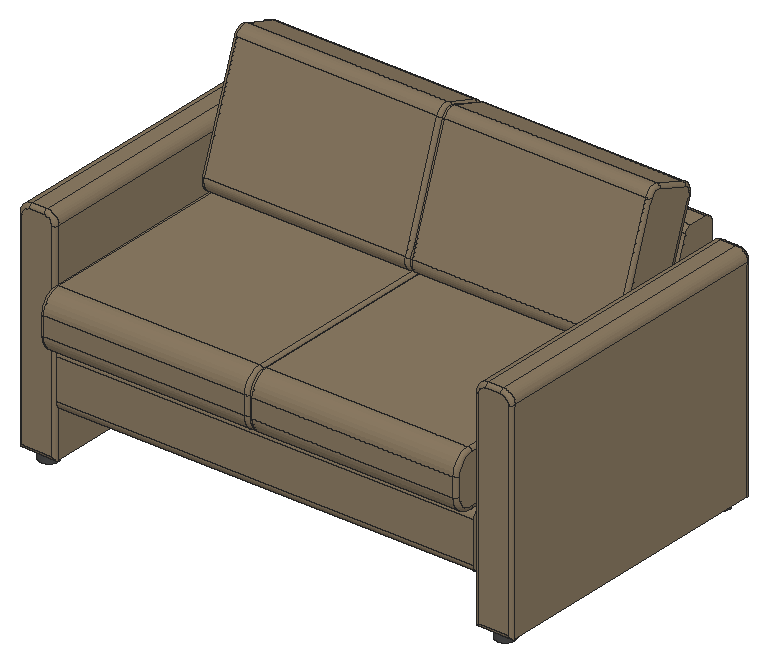
Revit family "ANTIGUA_by_Vaghi_Love Seat", category Furniture, Revit 2012
Parameters (values of type "Vaghi A3S-Triple Seat")
  Width [instance] = 200 cm
  Vaghi Fabric [instance] = Vaghi Fabric - C-13CR20
  Leg material [instance] = Vaghi leg material
Reference planes (cm)
  plane 1 "Center Front/Back": y = 0
  plane 2: z = 0
  plane 3 "Center Left/Right": x = 0
Forms (cm)
  Extrusion 1, solid, material "Vaghi Fabric - C-13CR20" <- "Vaghi Fabric"
    sketch origin (0, 0, 0) x (0, 1, 0) y (0, 0, 1)
      loop
        line (78, 67) -> (73.1284, 67)
        arc (73.1284, 67) -> (71.9812, 66.6383) -> (71.249, 65.684) r 2
        line (71.249, 65.684) -> (58.261, 30) -> (2, 30)
        arc (2, 30) -> (0.5858, 29.4142) -> (0, 28) r 2
        line (0, 28) -> (0, 17)
        arc (0, 17) -> (0.5858, 15.5858) -> (2, 15) r 2
        line (2, 15) -> (78, 15)
        arc (78, 15) -> (79.4142, 15.5858) -> (80, 17) r 2
        line (80, 17) -> (80, 65)
        arc (80, 65) -> (79.4142, 66.4142) -> (78, 67) r 2
    from -56 to 56.1415
  Extrusion 2, solid, material "Vaghi Fabric - C-13CR20" <- "Vaghi Fabric"
    sketch origin (-27.75, -0.5, 0) x (0, 1, 0) y (0, 0, 1)
      loop
        line (72.0013, 77.9842) -> (63.544, 81.0624)
        arc (63.544, 81.0624) -> (61.2451, 80.9621) -> (59.6905, 79.2655) r 3.0065
        line (59.6905, 79.2655) -> (49.0491, 50.0283)
        arc (49.0491, 50.0283) -> (49.4115, 47.2755) -> (51.8743, 45.9935) r 3.0065
        line (51.8743, 45.9935) -> (61.4519, 45.9935)
        arc (61.4519, 45.9935) -> (63.1763, 46.5372) -> (64.2771, 47.9717) r 3.0065
        line (64.2771, 47.9717) -> (73.7982, 74.1308)
        arc (73.7982, 74.1308) -> (73.6978, 76.4297) -> (72.0013, 77.9842) r 3.0065
    from -28.25 to 27.75
  Extrusion 3, solid, material "Vaghi Fabric - C-13CR20" <- "Vaghi Fabric"
    sketch origin (0.25, -0.5, 0) x (0, 1, 0) y (0, 0, 1)
      loop
        line (59.7704, 35.5) -> (59.7704, 40.5)
        arc (59.7704, 40.5) -> (58.306, 44.0355) -> (54.7704, 45.5) r 5
        line (54.7704, 45.5) -> (0, 45.5)
        arc (0, 45.5) -> (-3.5355, 44.0355) -> (-5, 40.5) r 5
        line (-5, 40.5) -> (-5, 35.5)
        arc (-5, 35.5) -> (-3.5355, 31.9645) -> (0, 30.5) r 5
        line (0, 30.5) -> (54.7704, 30.5)
        arc (54.7704, 30.5) -> (58.306, 31.9645) -> (59.7704, 35.5) r 5
    from -56.25 to -0.25
  Sweep 4, void
    path in 3D
      loop
        arc (-56, 51.3743, 45.9935) -> (-56, 48.9115, 47.2755) -> (-56, 48.5491, 50.0283) r 3.0065
        line (-56, 48.5491, 50.0283) -> (-56, 59.1905, 79.2655)
        arc (-56, 59.1905, 79.2655) -> (-56, 60.7451, 80.9621) -> (-56, 63.044, 81.0624) r 3.0065
        line (-56, 63.044, 81.0624) -> (-56, 71.5013, 77.9842)
        arc (-56, 71.5013, 77.9842) -> (-56, 73.1978, 76.4297) -> (-56, 73.2982, 74.1308) r 3.0065
        line (-56, 73.2982, 74.1308) -> (-56, 63.7771, 47.9717)
        arc (-56, 63.7771, 47.9717) -> (-56, 62.6763, 46.5372) -> (-56, 60.9519, 45.9935) r 3.0065
        line (-56, 60.9519, 45.9935) -> (-56, 51.3743, 45.9935)
    profile origin (-56, 56.1631, 45.9935) x (-1, 0, 0) y (0, 0, -1)
      loop
        line (0, 0) -> (-1, 0)
        arc (-1, 0) -> (-0.2929, -0.2929) -> (0, -1) r 1
        line (0, -1) -> (0, 0)
  Sweep 5, void
    path in 3D
      loop
        arc (-56, -0.5, 30.5) -> (-56, -4.0355, 31.9645) -> (-56, -5.5, 35.5) r 5
        line (-56, -5.5, 35.5) -> (-56, -5.5, 40.5)
        arc (-56, -5.5, 40.5) -> (-56, -4.0355, 44.0355) -> (-56, -0.5, 45.5) r 5
        line (-56, -0.5, 45.5) -> (-56, 54.2704, 45.5)
        arc (-56, 54.2704, 45.5) -> (-56, 57.806, 44.0355) -> (-56, 59.2704, 40.5) r 5
        line (-56, 59.2704, 40.5) -> (-56, 59.2704, 35.5)
        arc (-56, 59.2704, 35.5) -> (-56, 57.806, 31.9645) -> (-56, 54.2704, 30.5) r 5
        line (-56, 54.2704, 30.5) -> (-56, -0.5, 30.5)
    profile origin (-56, 26.8852, 30.5) x (-1, 0, 0) y (0, 0, -1)
      loop
        line (0, 0) -> (-1, 0)
        arc (-1, 0) -> (-0.2929, -0.2929) -> (0, -1) r 1
        line (0, -1) -> (0, 0)
  Sweep 6, void
    path in 3D
      loop
        arc (0, 60.9519, 45.9935) -> (0, 62.6763, 46.5372) -> (0, 63.7771, 47.9717) r 3.0065
        line (0, 63.7771, 47.9717) -> (0, 73.2982, 74.1308)
        arc (0, 73.2982, 74.1308) -> (0, 73.1978, 76.4297) -> (0, 71.5013, 77.9842) r 3.0065
        line (0, 71.5013, 77.9842) -> (0, 63.044, 81.0624)
        arc (0, 63.044, 81.0624) -> (0, 60.7451, 80.9621) -> (0, 59.1905, 79.2655) r 3.0065
        line (0, 59.1905, 79.2655) -> (0, 48.5491, 50.0283)
        arc (0, 48.5491, 50.0283) -> (0, 48.9115, 47.2755) -> (0, 51.3743, 45.9935) r 3.0065
        line (0, 51.3743, 45.9935) -> (0, 60.9519, 45.9935)
    profile origin (0, 56.1631, 45.9935) x (1, 0, 0) y (0, 0, -1)
      loop
        line (0, 0) -> (-1, 0)
        arc (-1, 0) -> (-0.2929, -0.2929) -> (0, -1) r 1
        line (0, -1) -> (0, 0)
  Sweep 7, void
    path in 3D
      loop
        arc (0, 54.2704, 30.5) -> (0, 57.806, 31.9645) -> (0, 59.2704, 35.5) r 5
        line (0, 59.2704, 35.5) -> (0, 59.2704, 40.5)
        arc (0, 59.2704, 40.5) -> (0, 57.806, 44.0355) -> (0, 54.2704, 45.5) r 5
        line (0, 54.2704, 45.5) -> (0, -0.5, 45.5)
        arc (0, -0.5, 45.5) -> (0, -4.0355, 44.0355) -> (0, -5.5, 40.5) r 5
        line (0, -5.5, 40.5) -> (0, -5.5, 35.5)
        arc (0, -5.5, 35.5) -> (0, -4.0355, 31.9645) -> (0, -0.5, 30.5) r 5
        line (0, -0.5, 30.5) -> (0, 54.2704, 30.5)
    profile origin (0, 26.8852, 30.5) x (1, 0, 0) y (0, 0, -1)
      loop
        line (0, 0) -> (-1, 0)
        arc (-1, 0) -> (-0.2929, -0.2929) -> (0, -1) r 1
        line (0, -1) -> (0, 0)
  Extrusion 8, solid, material "Vaghi Fabric - C-13CR20" <- "Vaghi Fabric"
    sketch origin (75.76, -0.5, 0) x (0, 1, 0) y (0, 0, 1)
      loop
        line (59.7704, 35.5) -> (59.7704, 40.5)
        arc (59.7704, 40.5) -> (58.306, 44.0355) -> (54.7704, 45.5) r 5
        line (54.7704, 45.5) -> (0, 45.5)
        arc (0, 45.5) -> (-3.5355, 44.0355) -> (-5, 40.5) r 5
        line (-5, 40.5) -> (-5, 35.5)
        arc (-5, 35.5) -> (-3.5355, 31.9645) -> (0, 30.5) r 5
        line (0, 30.5) -> (54.7704, 30.5)
        arc (54.7704, 30.5) -> (58.306, 31.9645) -> (59.7704, 35.5) r 5
    from -75.75 to -19.75
  Extrusion 9, solid, material "Vaghi Fabric - C-13CR20" <- "Vaghi Fabric"
    sketch origin (43.76, -0.5, 0) x (0, 1, 0) y (0, 0, 1)
      loop
        line (72.0013, 77.9842) -> (63.544, 81.0624)
        arc (63.544, 81.0624) -> (61.2451, 80.9621) -> (59.6905, 79.2655) r 3.0065
        line (59.6905, 79.2655) -> (49.0491, 50.0283)
        arc (49.0491, 50.0283) -> (49.4115, 47.2755) -> (51.8743, 45.9935) r 3.0065
        line (51.8743, 45.9935) -> (61.4519, 45.9935)
        arc (61.4519, 45.9935) -> (63.1763, 46.5372) -> (64.2771, 47.9717) r 3.0065
        line (64.2771, 47.9717) -> (73.7982, 74.1308)
        arc (73.7982, 74.1308) -> (73.6978, 76.4297) -> (72.0013, 77.9842) r 3.0065
    from -43.75 to 12.25
  Sweep 10, void
    path in 3D
      loop
        arc (0.01, 51.3743, 45.9935) -> (0.01, 48.9115, 47.2755) -> (0.01, 48.5491, 50.0283) r 3.0065
        line (0.01, 48.5491, 50.0283) -> (0.01, 59.1905, 79.2655)
        arc (0.01, 59.1905, 79.2655) -> (0.01, 60.7451, 80.9621) -> (0.01, 63.044, 81.0624) r 3.0065
        line (0.01, 63.044, 81.0624) -> (0.01, 71.5013, 77.9842)
        arc (0.01, 71.5013, 77.9842) -> (0.01, 73.1978, 76.4297) -> (0.01, 73.2982, 74.1308) r 3.0065
        line (0.01, 73.2982, 74.1308) -> (0.01, 63.7771, 47.9717)
        arc (0.01, 63.7771, 47.9717) -> (0.01, 62.6763, 46.5372) -> (0.01, 60.9519, 45.9935) r 3.0065
        line (0.01, 60.9519, 45.9935) -> (0.01, 51.3743, 45.9935)
    profile origin (0.01, 56.1631, 45.9935) x (-1, 0, 0) y (0, 0, -1)
      loop
        line (0, 0) -> (-1, 0)
        arc (-1, 0) -> (-0.2929, -0.2929) -> (0, -1) r 1
        line (0, -1) -> (0, 0)
  Sweep 11, void
    path in 3D
      loop
        arc (0.01, -0.5, 30.5) -> (0.01, -4.0355, 31.9645) -> (0.01, -5.5, 35.5) r 5
        line (0.01, -5.5, 35.5) -> (0.01, -5.5, 40.5)
        arc (0.01, -5.5, 40.5) -> (0.01, -4.0355, 44.0355) -> (0.01, -0.5, 45.5) r 5
        line (0.01, -0.5, 45.5) -> (0.01, 54.2704, 45.5)
        arc (0.01, 54.2704, 45.5) -> (0.01, 57.806, 44.0355) -> (0.01, 59.2704, 40.5) r 5
        line (0.01, 59.2704, 40.5) -> (0.01, 59.2704, 35.5)
        arc (0.01, 59.2704, 35.5) -> (0.01, 57.806, 31.9645) -> (0.01, 54.2704, 30.5) r 5
        line (0.01, 54.2704, 30.5) -> (0.01, -0.5, 30.5)
    profile origin (0.01, 26.8852, 30.5) x (-1, 0, 0) y (0, 0, -1)
      loop
        line (0, 0) -> (-1, 0)
        arc (-1, 0) -> (-0.2929, -0.2929) -> (0, -1) r 1
        line (0, -1) -> (0, 0)
  Sweep 12, void
    path in 3D
      loop
        arc (56.01, 54.2704, 30.5) -> (56.01, 57.806, 31.9645) -> (56.01, 59.2704, 35.5) r 5
        line (56.01, 59.2704, 35.5) -> (56.01, 59.2704, 40.5)
        arc (56.01, 59.2704, 40.5) -> (56.01, 57.806, 44.0355) -> (56.01, 54.2704, 45.5) r 5
        line (56.01, 54.2704, 45.5) -> (56.01, -0.5, 45.5)
        arc (56.01, -0.5, 45.5) -> (56.01, -4.0355, 44.0355) -> (56.01, -5.5, 40.5) r 5
        line (56.01, -5.5, 40.5) -> (56.01, -5.5, 35.5)
        arc (56.01, -5.5, 35.5) -> (56.01, -4.0355, 31.9645) -> (56.01, -0.5, 30.5) r 5
        line (56.01, -0.5, 30.5) -> (56.01, 54.2704, 30.5)
    profile origin (56.01, 26.8852, 30.5) x (1, 0, 0) y (0, 0, -1)
      loop
        line (0, 0) -> (-1, 0)
        arc (-1, 0) -> (-0.2929, -0.2929) -> (0, -1) r 1
        line (0, -1) -> (0, 0)
  Sweep 13, void
    path in 3D
      loop
        arc (56.01, 60.9519, 45.9935) -> (56.01, 62.6763, 46.5372) -> (56.01, 63.7771, 47.9717) r 3.0065
        line (56.01, 63.7771, 47.9717) -> (56.01, 73.2982, 74.1308)
        arc (56.01, 73.2982, 74.1308) -> (56.01, 73.1978, 76.4297) -> (56.01, 71.5013, 77.9842) r 3.0065
        line (56.01, 71.5013, 77.9842) -> (56.01, 63.044, 81.0624)
        arc (56.01, 63.044, 81.0624) -> (56.01, 60.7451, 80.9621) -> (56.01, 59.1905, 79.2655) r 3.0065
        line (56.01, 59.1905, 79.2655) -> (56.01, 48.5491, 50.0283)
        arc (56.01, 48.5491, 50.0283) -> (56.01, 48.9115, 47.2755) -> (56.01, 51.3743, 45.9935) r 3.0065
        line (56.01, 51.3743, 45.9935) -> (56.01, 60.9519, 45.9935)
    profile origin (56.01, 56.1631, 45.9935) x (1, 0, 0) y (0, 0, -1)
      loop
        line (0, 0) -> (-1, 0)
        arc (-1, 0) -> (-0.2929, -0.2929) -> (0, -1) r 1
        line (0, -1) -> (0, 0)
Cuts and joins
  Sweep 4, Sweep 6 cuts Extrusion 2
  Sweep 5, Sweep 7 cuts Extrusion 3
  Sweep 10, Sweep 13 cuts Extrusion 9
  Sweep 11, Sweep 12 cuts Extrusion 8
Lines and regions (cm)
  reference lines
    curve 1: line (0, 80, 17) -> (0, 80, 65)
    curve 2: line (0, 1.5, 15) -> (0, 78, 15)
    curve 3: line (0, 78, 67) -> (0, 72.6284, 67)
    curve 4: line (0, 70.749, 65.684) -> (0, 57.943, 30.5)
    curve 5: line (0, -0.5, 17) -> (0, -0.5, 28.5)
    curve 6: arc (0, 1.5, 30.5) -> (0, 0.0858, 29.9142) -> (0, -0.5, 28.5) r 2
    curve 7: arc (0, 1.5, 15) -> (0, 0.0858, 15.5858) -> (0, -0.5, 17) r 2
    curve 8: arc (0, 80, 65) -> (0, 79.4142, 66.4142) -> (0, 78, 67) r 2
    curve 9: line (0, 73.5, 67) -> (0, 72.6284, 67)
    curve 10: arc (0, 72.6284, 67) -> (0, 71.4812, 66.6383) -> (0, 70.749, 65.684) r 2
    curve 11: arc (0, 80, 17) -> (0, 79.4142, 15.5858) -> (0, 78, 15) r 2
    curve 12: line (0, -0.5, 45.5) -> (0, 54.2704, 45.5)
    curve 13: line (0, 63.7709, 47.9739) -> (0, 73.292, 74.133)
    curve 14: arc (0, -0.5, 45.5) -> (0, -4.0355, 44.0355) -> (0, -5.5, 40.5) r 5
    curve 15: line (0, -5.5, 40.5) -> (0, -5.5, 35.5)
    curve 16: arc (0, -5.5, 35.5) -> (0, -4.0355, 31.9645) -> (0, -0.5, 30.5) r 5
    curve 17: arc (0, 54.2704, 45.5) -> (0, 57.806, 44.0355) -> (0, 59.2704, 40.5) r 5
    curve 18: line (0, 59.2704, 40.5) -> (0, 59.2704, 35.5)
    curve 19: arc (0, 59.2704, 35.5) -> (0, 57.806, 31.9645) -> (0, 54.2704, 30.5) r 5
    curve 20: line (0, 80, 49) -> (0, 80, 81)
    curve 21: line (0, 54.2704, 30.5) -> (0, -0.5, 30.5)
    curve 22: line (0, 48.5552, 50.0261) -> (0, 59.1967, 79.2633)
    curve 23: line (0, 63.0418, 81.0563) -> (0, 71.499, 77.9781)
    curve 24: arc (0, 63.0418, 81.0563) -> (0, 60.7479, 80.9562) -> (0, 59.1967, 79.2633) r 3
    curve 25: arc (0, 73.292, 74.133) -> (0, 73.1919, 76.4269) -> (0, 71.499, 77.9781) r 3
    curve 26: line (0, 51.3743, 46) -> (0, 60.9519, 46)
    curve 27: arc (0, 51.3743, 46) -> (0, 48.9168, 47.2793) -> (0, 48.5552, 50.0261) r 3
    curve 28: arc (0, 63.7709, 47.9739) -> (0, 62.6726, 46.5425) -> (0, 60.9519, 46) r 3
    curve 45: line (0, 3.1308, 0) -> (0, -7.8692, 0)
    curve 46: line (0, 3.8801, 0) -> (0, -7.1199, 0)
    curve 63: line (0, 2.7418, 0) -> (0, -8.2582, 0)
    curve 96: line (0.25, 3.8801, 0) -> (0.25, -7.1199, 0)
    curve 97: line (-0.25, 2.7418, 0) -> (-0.25, -8.2582, 0)
  sketch lines
    curve 29: line (-56, 60.9519, 45.9935) -> (-56, 51.3743, 45.9935)
    curve 30: arc (-56, 48.5491, 50.0283) -> (-56, 48.9115, 47.2755) -> (-56, 51.3743, 45.9935) r 3.0065
    curve 31: line (-56, 48.5491, 50.0283) -> (-56, 59.1905, 79.2655)
    curve 32: arc (-56, 63.044, 81.0624) -> (-56, 60.7451, 80.9621) -> (-56, 59.1905, 79.2655) r 3.0065
    curve 33: line (-56, 63.044, 81.0624) -> (-56, 71.5013, 77.9842)
    curve 34: arc (-56, 73.2982, 74.1308) -> (-56, 73.1978, 76.4297) -> (-56, 71.5013, 77.9842) r 3.0065
    curve 35: line (-56, 73.2982, 74.1308) -> (-56, 63.7771, 47.9717)
    curve 36: arc (-56, 60.9519, 45.9935) -> (-56, 62.6763, 46.5372) -> (-56, 63.7771, 47.9717) r 3.0065
    curve 37: line (-56, 54.2704, 30.5) -> (-56, -0.5, 30.5)
    curve 38: arc (-56, 54.2704, 30.5) -> (-56, 57.806, 31.9645) -> (-56, 59.2704, 35.5) r 5
    curve 39: line (-56, 59.2704, 40.5) -> (-56, 59.2704, 35.5)
    curve 40: arc (-56, 59.2704, 40.5) -> (-56, 57.806, 44.0355) -> (-56, 54.2704, 45.5) r 5
    curve 41: line (-56, -0.5, 45.5) -> (-56, 54.2704, 45.5)
    curve 42: arc (-56, -0.5, 45.5) -> (-56, -4.0355, 44.0355) -> (-56, -5.5, 40.5) r 5
    curve 43: line (-56, -5.5, 35.5) -> (-56, -5.5, 40.5)
    curve 44: arc (-56, -5.5, 35.5) -> (-56, -4.0355, 31.9645) -> (-56, -0.5, 30.5) r 5
    curve 47: line (0, 51.3743, 45.9935) -> (0, 60.9519, 45.9935)
    curve 48: arc (0, 63.7771, 47.9717) -> (0, 62.6763, 46.5372) -> (0, 60.9519, 45.9935) r 3.0065
    curve 49: line (0, 63.7771, 47.9717) -> (0, 73.2982, 74.1308)
    curve 50: arc (0, 71.5013, 77.9842) -> (0, 73.1978, 76.4297) -> (0, 73.2982, 74.1308) r 3.0065
    curve 51: line (0, 71.5013, 77.9842) -> (0, 63.044, 81.0624)
    curve 52: arc (0, 59.1905, 79.2655) -> (0, 60.7451, 80.9621) -> (0, 63.044, 81.0624) r 3.0065
    curve 53: line (0, 59.1905, 79.2655) -> (0, 48.5491, 50.0283)
    curve 54: arc (0, 51.3743, 45.9935) -> (0, 48.9115, 47.2755) -> (0, 48.5491, 50.0283) r 3.0065
    curve 55: line (0, -0.5, 30.5) -> (0, 54.2704, 30.5)
    curve 56: arc (0, 59.2704, 35.5) -> (0, 57.806, 31.9645) -> (0, 54.2704, 30.5) r 5
    curve 57: line (0, 59.2704, 35.5) -> (0, 59.2704, 40.5)
    curve 58: arc (0, 54.2704, 45.5) -> (0, 57.806, 44.0355) -> (0, 59.2704, 40.5) r 5
    curve 59: line (0, 54.2704, 45.5) -> (0, -0.5, 45.5)
    curve 60: line (0, -5.5, 40.5) -> (0, -5.5, 35.5)
    curve 61: arc (0, -5.5, 40.5) -> (0, -4.0355, 44.0355) -> (0, -0.5, 45.5) r 5
    curve 62: arc (0, -0.5, 30.5) -> (0, -4.0355, 31.9645) -> (0, -5.5, 35.5) r 5
    curve 64: line (0.01, 60.9519, 45.9935) -> (0.01, 51.3743, 45.9935)
    curve 65: arc (0.01, 48.5491, 50.0283) -> (0.01, 48.9115, 47.2755) -> (0.01, 51.3743, 45.9935) r 3.0065
    curve 66: arc (0.01, 60.9519, 45.9935) -> (0.01, 62.6763, 46.5372) -> (0.01, 63.7771, 47.9717) r 3.0065
    curve 67: line (0.01, 73.2982, 74.1308) -> (0.01, 63.7771, 47.9717)
    curve 68: line (0.01, 48.5491, 50.0283) -> (0.01, 59.1905, 79.2655)
    curve 69: arc (0.01, 63.044, 81.0624) -> (0.01, 60.7451, 80.9621) -> (0.01, 59.1905, 79.2655) r 3.0065
    curve 70: line (0.01, 63.044, 81.0624) -> (0.01, 71.5013, 77.9842)
    curve 71: arc (0.01, 73.2982, 74.1308) -> (0.01, 73.1978, 76.4297) -> (0.01, 71.5013, 77.9842) r 3.0065
    curve 72: line (0.01, 54.2704, 30.5) -> (0.01, -0.5, 30.5)
    curve 73: arc (0.01, -5.5, 35.5) -> (0.01, -4.0355, 31.9645) -> (0.01, -0.5, 30.5) r 5
    curve 74: line (0.01, -5.5, 35.5) -> (0.01, -5.5, 40.5)
    curve 75: arc (0.01, -0.5, 45.5) -> (0.01, -4.0355, 44.0355) -> (0.01, -5.5, 40.5) r 5
    curve 76: line (0.01, -0.5, 45.5) -> (0.01, 54.2704, 45.5)
    curve 77: arc (0.01, 59.2704, 40.5) -> (0.01, 57.806, 44.0355) -> (0.01, 54.2704, 45.5) r 5
    curve 78: line (0.01, 59.2704, 40.5) -> (0.01, 59.2704, 35.5)
    curve 79: arc (0.01, 54.2704, 30.5) -> (0.01, 57.806, 31.9645) -> (0.01, 59.2704, 35.5) r 5
    curve 80: line (56.01, -0.5, 30.5) -> (56.01, 54.2704, 30.5)
    curve 81: arc (56.01, 59.2704, 35.5) -> (56.01, 57.806, 31.9645) -> (56.01, 54.2704, 30.5) r 5
    curve 82: line (56.01, 59.2704, 35.5) -> (56.01, 59.2704, 40.5)
    curve 83: arc (56.01, 54.2704, 45.5) -> (56.01, 57.806, 44.0355) -> (56.01, 59.2704, 40.5) r 5
    curve 84: line (56.01, 54.2704, 45.5) -> (56.01, -0.5, 45.5)
    curve 85: arc (56.01, -5.5, 40.5) -> (56.01, -4.0355, 44.0355) -> (56.01, -0.5, 45.5) r 5
    curve 86: line (56.01, -5.5, 40.5) -> (56.01, -5.5, 35.5)
    curve 87: arc (56.01, -0.5, 30.5) -> (56.01, -4.0355, 31.9645) -> (56.01, -5.5, 35.5) r 5
    curve 88: line (56.01, 51.3743, 45.9935) -> (56.01, 60.9519, 45.9935)
    curve 89: arc (56.01, 63.7771, 47.9717) -> (56.01, 62.6763, 46.5372) -> (56.01, 60.9519, 45.9935) r 3.0065
    curve 90: line (56.01, 63.7771, 47.9717) -> (56.01, 73.2982, 74.1308)
    curve 91: arc (56.01, 71.5013, 77.9842) -> (56.01, 73.1978, 76.4297) -> (56.01, 73.2982, 74.1308) r 3.0065
    curve 92: line (56.01, 71.5013, 77.9842) -> (56.01, 63.044, 81.0624)
    curve 93: arc (56.01, 59.1905, 79.2655) -> (56.01, 60.7451, 80.9621) -> (56.01, 63.044, 81.0624) r 3.0065
    curve 94: line (56.01, 59.1905, 79.2655) -> (56.01, 48.5491, 50.0283)
    curve 95: arc (56.01, 51.3743, 45.9935) -> (56.01, 48.9115, 47.2755) -> (56.01, 48.5491, 50.0283) r 3.0065
Dimensions and locks (cm)
  aligned and locked: level to plane 2
Nested families (cm)
  nested 1: "Antigua side gables" at (61.51, 0, 0), type "Antigua side gables"
    with Vaghi Fabric Vaghi Fabric - C-13CR20, Leg material Vaghi leg material
  nested 2: "Antigua side gables" at (-61.25, 0, 0) x (-1, 0, 0) z (0, 0, 1), type "Antigua side gables"
    with Vaghi Fabric Vaghi Fabric - C-13CR20, Leg material Vaghi leg material
Definition of nested family "Antigua side gables"
  Parameters (values of type "Antigua side gables")
    Vaghi Fabric [instance] = Vaghi Fabric - C-13CR20
    Leg material [instance] = Vaghi leg material
  Reference planes (cm)
    plane 1 "Center Front/Back": y = 0
    plane 2: z = 0
    plane 3 "Center Left/Right": x = 0
  Forms (cm)
    Extrusion 1, solid, material "Vaghi Fabric - C-13CR20" <- "Vaghi Fabric"
      sketch origin (0, 0, 0) x (1, 0, 0) y (0, 0, 1)
        loop
          line (-5, 59) -> (-5, 2.5) -> (5, 2.5) -> (5, 59)
          arc (5, 59) -> (4.1213, 61.1213) -> (2, 62) r 3
          line (2, 62) -> (-2, 62)
          arc (-2, 62) -> (-4.1213, 61.1213) -> (-5, 59) r 3
      from -80 to 0
    Extrusion 2, solid, material "Vaghi leg material" <- "Leg material"
      sketch origin (0, 0, 0) x (1, 0, 0) y (0, 1, 0)
        loop
          circle (0, 4) r 2.5
      from 0 to 2.5
    Extrusion 3, solid, material "Vaghi leg material" <- "Leg material"
      sketch origin (0, 80, 0) x (1, 0, 0) y (0, 1, 0)
        loop
          circle (0, -4) r 2.5
      from 0 to 2.5
    Sweep 4, void
      path origin (0, 0, 0) x (1, 0, 0) y (0, 0, 1)
        loop
          line (5, 2.5) -> (5, 59)
          arc (5, 59) -> (4.1213, 61.1213) -> (2, 62) r 3
          line (2, 62) -> (-2, 62)
          arc (-2, 62) -> (-4.1213, 61.1213) -> (-5, 59) r 3
          line (-5, 59) -> (-5, 2.5) -> (5, 2.5)
      profile origin (5, 0, 30.75) x (-1, 0, 0) y (0, -1, 0)
        loop
          line (0, 0) -> (0, -1)
          arc (0, -1) -> (0.2929, -0.2929) -> (1, 0) r 1
          line (1, 0) -> (0, 0)
    Sweep 5, void
      path in 3D
        loop
          arc (-5, 80, 59) -> (-4.1213, 80, 61.1213) -> (-2, 80, 62) r 3
          line (-2, 80, 62) -> (2, 80, 62)
          arc (2, 80, 62) -> (4.1213, 80, 61.1213) -> (5, 80, 59) r 3
          line (5, 80, 59) -> (5, 80, 2.5) -> (-5, 80, 2.5) -> (-5, 80, 59)
      profile origin (-5, 80, 30.75) x (0, 1, 0) y (-1, 0, 0)
        loop
          line (0, 0) -> (-1, 0)
          arc (-1, 0) -> (-0.2929, -0.2929) -> (0, -1) r 1
          line (0, -1) -> (0, 0)
  Cuts and joins
    Sweep 4, Sweep 5 cuts Extrusion 1
  Lines and regions (cm)
    reference lines
      curve 1: line (-5, 0, 0) -> (-5, 80, 0)
      curve 2: line (5, 80, 0) -> (5, 0, 0)
      curve 3: line (-5, 0, 0) -> (5, 0, 0)
      curve 4: line (-5, 80, 0) -> (5, 80, 0)
      curve 5: line (-5, 0, 6) -> (-5, 0, 59)
      curve 6: line (5, 0, 6) -> (5, 0, 59)
      curve 7: line (-2, 0, 62) -> (2, 0, 62)
      curve 8: arc (-5, 0, 59) -> (-4.1213, 0, 61.1213) -> (-2, 0, 62) r 3
      curve 9: arc (2, 0, 62) -> (4.1213, 0, 61.1213) -> (5, 0, 59) r 3
      curve 10: line (0, 4, 0) -> (-0.5, 4, 0)
    sketch lines
      curve 11: line (-5, 80, 2.5) -> (-5, 80, 59)
      curve 12: arc (-2, 80, 62) -> (-4.1213, 80, 61.1213) -> (-5, 80, 59) r 3
      curve 13: line (-2, 80, 62) -> (2, 80, 62)
      curve 14: arc (5, 80, 59) -> (4.1213, 80, 61.1213) -> (2, 80, 62) r 3
      curve 15: line (5, 80, 59) -> (5, 80, 2.5)
      curve 16: line (5, 80, 2.5) -> (-5, 80, 2.5)
  Dimensions and locks (cm)
    aligned and locked: level to plane 2
